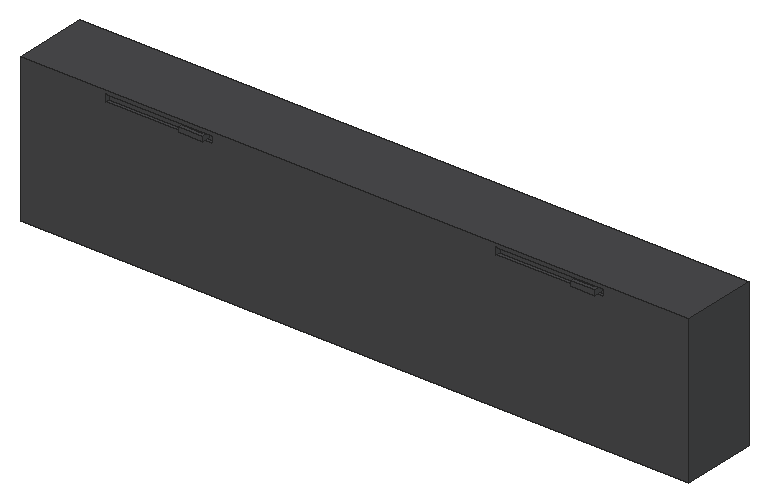
Revit family "DOT BLOCK CEILLING 328_DTSM15N3.1", category Luminarias, Revit 2019
Family settings
  Cota de conector redondo = Diámetro de uso
  Tipo de pieza = Normal
  Se basa en plano de trabajo = Sí
  Siempre vertical = Sí
  Corte con vacíos al cargar = No
  Origen de luz = Sí
  Compartido = No
  Punto de cálculo de habitación = No
Parameters (values of type "DOT BLOCK SURFACE 328_DM15N3.3.1535")
  Ángulo de inclinación = 60.00°
  Zone [instance] = ""
  Watt per fixture = 15
  Wattage = 15 W
  built-in parameter 1150107 = 4000 (stored number, unit not read)
  built-in parameter 1150110 = 1 (stored number, unit not read)
  built-in parameter 1150109 = 1 (stored number, unit not read)
  built-in parameter 1150112 = 1 (stored number, unit not read)
  built-in parameter 1150113 = 1 (stored number, unit not read)
  built-in parameter 1114218 = 1 (stored number, unit not read)
  Keynote = ""
  built-in parameter 1150137 = (empty or 0)
  built-in parameter 1150132 = (empty or 0)
  Modelo = "DM15N3.3.1535"
  Lámpara = "3030SMD PHILIPS"
  built-in parameter 1150105 = 6063.3 (stored number, unit not read)
  built-in parameter 1150102 = (empty or 0)
  built-in parameter 1150106 = 60.633 (stored number, unit not read)
  Lumens = 1395 lm
  Color Filter = 16777215
  built-in parameter 1114217 = 1 (stored number, unit not read)
  built-in parameter 1150139 = (empty or 0)
  Fabricante = "BRILLANT"
  Default Elevation = 1219.2 mm
  built-in parameter 1150104 = 8.64 (stored number, unit not read)
  Descripción = "LUMINARIA DOWNLIGHT EN FORMATO RECTANGULAR PARA EMPOTRAR DIRECTO EN PLAFON, CUERPO DE ALUMINIO ACABADO EN COLOR NEGRO, IP 20, PESO 0.84Kg, TIPO DE LED 3030SMD PHILIPS CON 15W TOTAL, 1400 LUMENES, 93LM/W, IRC 90, TEMPERATURA EN BLANCO FRIO 4000K, 50 MIL HORAS DE VIDA PROMEDIO, APERTURA ELIPTICA DE 15X35 GRADOS POR PROYECTO, ALIMENTADO A 90-240V"
  built-in parameter 1150115 = 1 (stored number, unit not read)
  built-in parameter 1150114 = 1 (stored number, unit not read)
  Comentarios de vataje = "90-240V"
  built-in parameter 1150138 = (empty or 0)
  built-in parameter 1150134 = 12
  Circuit [instance] = ""
  Dimming Lamp Color Temperature Shift = (empty or 0)
  Archivo de red fotométrica = "L328A-15W-840-B-15X35_IESNA95.IES"
  built-in parameter 1150133 = 10 (stored number, unit not read)
Reference planes
  plane 1 "Centro (Frontal/Posterior)": y = 0
  plane 2: z = 0
  plane 3 "Centro (Izquierda/Derecha)": x = 0
Forms (mm)
  Extrusion 1, solid, material "Default Form", not visible
    sketch origin (0, 0, 0) x (1, 0, 0) y (0, 0, 1)
      loop
        line (-473, 0) -> (-473, -72) -> (473, -72) -> (473, 0) -> (-473, 0)
    from -18.326 to 18.326
  Blend 2, void, not visible
    base sketch origin (-293.63, 0, 0) x (1, 0, 0) y (0, 1, 0)
      loop
        line (-162, 16.149) -> (-162, -16.149) -> (-144.14, -16.149) -> (-144.14, 16.149) -> (-162, 16.149)
    top sketch origin (-293.63, 0, 0) x (1, 0, 0) y (0, 1, 0)
      loop
        line (-160, 12.149) -> (-160, -12.149) -> (-146.14, -12.149) -> (-146.14, 12.149) -> (-160, 12.149)
    from -72 to -61.591
  Blend 3, void, not visible
    base sketch origin (-267.33, 0, 0) x (1, 0, 0) y (0, 1, 0)
      loop
        line (-162, 16.149) -> (-162, -16.149) -> (-144.14, -16.149) -> (-144.14, 16.149) -> (-162, 16.149)
    top sketch origin (-267.33, 0, 0) x (1, 0, 0) y (0, 1, 0)
      loop
        line (-160, 12.149) -> (-160, -12.149) -> (-146.14, -12.149) -> (-146.14, 12.149) -> (-160, 12.149)
    from -72 to -61.591
  Blend 4, void, not visible
    base sketch origin (-241.03, 0, 0) x (1, 0, 0) y (0, 1, 0)
      loop
        line (-162, 16.149) -> (-162, -16.149) -> (-144.14, -16.149) -> (-144.14, 16.149) -> (-162, 16.149)
    top sketch origin (-241.03, 0, 0) x (1, 0, 0) y (0, 1, 0)
      loop
        line (-160, 12.149) -> (-160, -12.149) -> (-146.14, -12.149) -> (-146.14, 12.149) -> (-160, 12.149)
    from -72 to -61.591
  Blend 5, void, not visible
    base sketch origin (-214.73, 0, 0) x (1, 0, 0) y (0, 1, 0)
      loop
        line (-162, 16.149) -> (-162, -16.149) -> (-144.14, -16.149) -> (-144.14, 16.149) -> (-162, 16.149)
    top sketch origin (-214.73, 0, 0) x (1, 0, 0) y (0, 1, 0)
      loop
        line (-160, 12.149) -> (-160, -12.149) -> (-146.14, -12.149) -> (-146.14, 12.149) -> (-160, 12.149)
    from -72 to -61.591
  Blend 6, void, not visible
    base sketch origin (-188.43, 0, 0) x (1, 0, 0) y (0, 1, 0)
      loop
        line (-162, 16.149) -> (-162, -16.149) -> (-144.14, -16.149) -> (-144.14, 16.149) -> (-162, 16.149)
    top sketch origin (-188.43, 0, 0) x (1, 0, 0) y (0, 1, 0)
      loop
        line (-160, 12.149) -> (-160, -12.149) -> (-146.14, -12.149) -> (-146.14, 12.149) -> (-160, 12.149)
    from -72 to -61.591
  Blend 7, void, not visible
    base sketch origin (-162.13, 0, 0) x (1, 0, 0) y (0, 1, 0)
      loop
        line (-162, 16.149) -> (-162, -16.149) -> (-144.14, -16.149) -> (-144.14, 16.149) -> (-162, 16.149)
    top sketch origin (-162.13, 0, 0) x (1, 0, 0) y (0, 1, 0)
      loop
        line (-160, 12.149) -> (-160, -12.149) -> (-146.14, -12.149) -> (-146.14, 12.149) -> (-160, 12.149)
    from -72 to -61.591
  Blend 8, void, not visible
    base sketch origin (-135.83, 0, 0) x (1, 0, 0) y (0, 1, 0)
      loop
        line (-162, 16.149) -> (-162, -16.149) -> (-144.14, -16.149) -> (-144.14, 16.149) -> (-162, 16.149)
    top sketch origin (-135.83, 0, 0) x (1, 0, 0) y (0, 1, 0)
      loop
        line (-160, 12.149) -> (-160, -12.149) -> (-146.14, -12.149) -> (-146.14, 12.149) -> (-160, 12.149)
    from -72 to -61.591
  Blend 9, void, not visible
    base sketch origin (-109.53, 0, 0) x (1, 0, 0) y (0, 1, 0)
      loop
        line (-162, 16.149) -> (-162, -16.149) -> (-144.14, -16.149) -> (-144.14, 16.149) -> (-162, 16.149)
    top sketch origin (-109.53, 0, 0) x (1, 0, 0) y (0, 1, 0)
      loop
        line (-160, 12.149) -> (-160, -12.149) -> (-146.14, -12.149) -> (-146.14, 12.149) -> (-160, 12.149)
    from -72 to -61.591
  Blend 10, void, not visible
    base sketch origin (-83.23, 0, 0) x (1, 0, 0) y (0, 1, 0)
      loop
        line (-162, 16.149) -> (-162, -16.149) -> (-144.14, -16.149) -> (-144.14, 16.149) -> (-162, 16.149)
    top sketch origin (-83.23, 0, 0) x (1, 0, 0) y (0, 1, 0)
      loop
        line (-160, 12.149) -> (-160, -12.149) -> (-146.14, -12.149) -> (-146.14, 12.149) -> (-160, 12.149)
    from -72 to -61.591
  Blend 11, void, not visible
    base sketch origin (-56.93, 0, 0) x (1, 0, 0) y (0, 1, 0)
      loop
        line (-162, 16.149) -> (-162, -16.149) -> (-144.14, -16.149) -> (-144.14, 16.149) -> (-162, 16.149)
    top sketch origin (-56.93, 0, 0) x (1, 0, 0) y (0, 1, 0)
      loop
        line (-160, 12.149) -> (-160, -12.149) -> (-146.14, -12.149) -> (-146.14, 12.149) -> (-160, 12.149)
    from -72 to -61.591
  Blend 12, void, not visible
    base sketch origin (-30.63, 0, 0) x (1, 0, 0) y (0, 1, 0)
      loop
        line (-162, 16.149) -> (-162, -16.149) -> (-144.14, -16.149) -> (-144.14, 16.149) -> (-162, 16.149)
    top sketch origin (-30.63, 0, 0) x (1, 0, 0) y (0, 1, 0)
      loop
        line (-160, 12.149) -> (-160, -12.149) -> (-146.14, -12.149) -> (-146.14, 12.149) -> (-160, 12.149)
    from -72 to -61.591
  Blend 13, void, not visible
    base sketch origin (-4.33, 0, 0) x (1, 0, 0) y (0, 1, 0)
      loop
        line (-162, 16.149) -> (-162, -16.149) -> (-144.14, -16.149) -> (-144.14, 16.149) -> (-162, 16.149)
    top sketch origin (-4.33, 0, 0) x (1, 0, 0) y (0, 1, 0)
      loop
        line (-160, 12.149) -> (-160, -12.149) -> (-146.14, -12.149) -> (-146.14, 12.149) -> (-160, 12.149)
    from -72 to -61.591
  Blend 14, void, not visible
    base sketch origin (21.97, 0, 0) x (1, 0, 0) y (0, 1, 0)
      loop
        line (-162, 16.149) -> (-162, -16.149) -> (-144.14, -16.149) -> (-144.14, 16.149) -> (-162, 16.149)
    top sketch origin (21.97, 0, 0) x (1, 0, 0) y (0, 1, 0)
      loop
        line (-160, 12.149) -> (-160, -12.149) -> (-146.14, -12.149) -> (-146.14, 12.149) -> (-160, 12.149)
    from -72 to -61.591
  Blend 15, void, not visible
    base sketch origin (48.27, 0, 0) x (1, 0, 0) y (0, 1, 0)
      loop
        line (-162, 16.149) -> (-162, -16.149) -> (-144.14, -16.149) -> (-144.14, 16.149) -> (-162, 16.149)
    top sketch origin (48.27, 0, 0) x (1, 0, 0) y (0, 1, 0)
      loop
        line (-160, 12.149) -> (-160, -12.149) -> (-146.14, -12.149) -> (-146.14, 12.149) -> (-160, 12.149)
    from -72 to -61.591
  Blend 16, void, not visible
    base sketch origin (74.57, 0, 0) x (1, 0, 0) y (0, 1, 0)
      loop
        line (-162, 16.149) -> (-162, -16.149) -> (-144.14, -16.149) -> (-144.14, 16.149) -> (-162, 16.149)
    top sketch origin (74.57, 0, 0) x (1, 0, 0) y (0, 1, 0)
      loop
        line (-160, 12.149) -> (-160, -12.149) -> (-146.14, -12.149) -> (-146.14, 12.149) -> (-160, 12.149)
    from -72 to -61.591
  Blend 17, void, not visible
    base sketch origin (100.87, 0, 0) x (1, 0, 0) y (0, 1, 0)
      loop
        line (-162, 16.149) -> (-162, -16.149) -> (-144.14, -16.149) -> (-144.14, 16.149) -> (-162, 16.149)
    top sketch origin (100.87, 0, 0) x (1, 0, 0) y (0, 1, 0)
      loop
        line (-160, 12.149) -> (-160, -12.149) -> (-146.14, -12.149) -> (-146.14, 12.149) -> (-160, 12.149)
    from -72 to -61.591
  Blend 18, void, not visible
    base sketch origin (127.17, 0, 0) x (1, 0, 0) y (0, 1, 0)
      loop
        line (-162, 16.149) -> (-162, -16.149) -> (-144.14, -16.149) -> (-144.14, 16.149) -> (-162, 16.149)
    top sketch origin (127.17, 0, 0) x (1, 0, 0) y (0, 1, 0)
      loop
        line (-160, 12.149) -> (-160, -12.149) -> (-146.14, -12.149) -> (-146.14, 12.149) -> (-160, 12.149)
    from -72 to -61.591
  Blend 19, void, not visible
    base sketch origin (153.47, 0, 0) x (1, 0, 0) y (0, 1, 0)
      loop
        line (-162, 16.149) -> (-162, -16.149) -> (-144.14, -16.149) -> (-144.14, 16.149) -> (-162, 16.149)
    top sketch origin (153.47, 0, 0) x (1, 0, 0) y (0, 1, 0)
      loop
        line (-160, 12.149) -> (-160, -12.149) -> (-146.14, -12.149) -> (-146.14, 12.149) -> (-160, 12.149)
    from -72 to -61.591
  Blend 20, void, not visible
    base sketch origin (179.77, 0, 0) x (1, 0, 0) y (0, 1, 0)
      loop
        line (-162, 16.149) -> (-162, -16.149) -> (-144.14, -16.149) -> (-144.14, 16.149) -> (-162, 16.149)
    top sketch origin (179.77, 0, 0) x (1, 0, 0) y (0, 1, 0)
      loop
        line (-160, 12.149) -> (-160, -12.149) -> (-146.14, -12.149) -> (-146.14, 12.149) -> (-160, 12.149)
    from -72 to -61.591
  Blend 21, void, not visible
    base sketch origin (206.07, 0, 0) x (1, 0, 0) y (0, 1, 0)
      loop
        line (-162, 16.149) -> (-162, -16.149) -> (-144.14, -16.149) -> (-144.14, 16.149) -> (-162, 16.149)
    top sketch origin (206.07, 0, 0) x (1, 0, 0) y (0, 1, 0)
      loop
        line (-160, 12.149) -> (-160, -12.149) -> (-146.14, -12.149) -> (-146.14, 12.149) -> (-160, 12.149)
    from -72 to -61.591
  Blend 22, void, not visible
    base sketch origin (232.37, 0, 0) x (1, 0, 0) y (0, 1, 0)
      loop
        line (-162, 16.149) -> (-162, -16.149) -> (-144.14, -16.149) -> (-144.14, 16.149) -> (-162, 16.149)
    top sketch origin (232.37, 0, 0) x (1, 0, 0) y (0, 1, 0)
      loop
        line (-160, 12.149) -> (-160, -12.149) -> (-146.14, -12.149) -> (-146.14, 12.149) -> (-160, 12.149)
    from -72 to -61.591
  Blend 23, void, not visible
    base sketch origin (258.67, 0, 0) x (1, 0, 0) y (0, 1, 0)
      loop
        line (-162, 16.149) -> (-162, -16.149) -> (-144.14, -16.149) -> (-144.14, 16.149) -> (-162, 16.149)
    top sketch origin (258.67, 0, 0) x (1, 0, 0) y (0, 1, 0)
      loop
        line (-160, 12.149) -> (-160, -12.149) -> (-146.14, -12.149) -> (-146.14, 12.149) -> (-160, 12.149)
    from -72 to -61.591
  Blend 24, void, not visible
    base sketch origin (284.97, 0, 0) x (1, 0, 0) y (0, 1, 0)
      loop
        line (-162, 16.149) -> (-162, -16.149) -> (-144.14, -16.149) -> (-144.14, 16.149) -> (-162, 16.149)
    top sketch origin (284.97, 0, 0) x (1, 0, 0) y (0, 1, 0)
      loop
        line (-160, 12.149) -> (-160, -12.149) -> (-146.14, -12.149) -> (-146.14, 12.149) -> (-160, 12.149)
    from -72 to -61.591
  Blend 25, void, not visible
    base sketch origin (311.27, 0, 0) x (1, 0, 0) y (0, 1, 0)
      loop
        line (-162, 16.149) -> (-162, -16.149) -> (-144.14, -16.149) -> (-144.14, 16.149) -> (-162, 16.149)
    top sketch origin (311.27, 0, 0) x (1, 0, 0) y (0, 1, 0)
      loop
        line (-160, 12.149) -> (-160, -12.149) -> (-146.14, -12.149) -> (-146.14, 12.149) -> (-160, 12.149)
    from -72 to -61.591
  Blend 26, void, not visible
    base sketch origin (337.57, 0, 0) x (1, 0, 0) y (0, 1, 0)
      loop
        line (-162, 16.149) -> (-162, -16.149) -> (-144.14, -16.149) -> (-144.14, 16.149) -> (-162, 16.149)
    top sketch origin (337.57, 0, 0) x (1, 0, 0) y (0, 1, 0)
      loop
        line (-160, 12.149) -> (-160, -12.149) -> (-146.14, -12.149) -> (-146.14, 12.149) -> (-160, 12.149)
    from -72 to -61.591
  Blend 27, void, not visible
    base sketch origin (363.87, 0, 0) x (1, 0, 0) y (0, 1, 0)
      loop
        line (-162, 16.149) -> (-162, -16.149) -> (-144.14, -16.149) -> (-144.14, 16.149) -> (-162, 16.149)
    top sketch origin (363.87, 0, 0) x (1, 0, 0) y (0, 1, 0)
      loop
        line (-160, 12.149) -> (-160, -12.149) -> (-146.14, -12.149) -> (-146.14, 12.149) -> (-160, 12.149)
    from -72 to -61.591
  Blend 28, void, not visible
    base sketch origin (390.17, 0, 0) x (1, 0, 0) y (0, 1, 0)
      loop
        line (-162, 16.149) -> (-162, -16.149) -> (-144.14, -16.149) -> (-144.14, 16.149) -> (-162, 16.149)
    top sketch origin (390.17, 0, 0) x (1, 0, 0) y (0, 1, 0)
      loop
        line (-160, 12.149) -> (-160, -12.149) -> (-146.14, -12.149) -> (-146.14, 12.149) -> (-160, 12.149)
    from -72 to -61.591
  Blend 29, void, not visible
    base sketch origin (416.47, 0, 0) x (1, 0, 0) y (0, 1, 0)
      loop
        line (-162, 16.149) -> (-162, -16.149) -> (-144.14, -16.149) -> (-144.14, 16.149) -> (-162, 16.149)
    top sketch origin (416.47, 0, 0) x (1, 0, 0) y (0, 1, 0)
      loop
        line (-160, 12.149) -> (-160, -12.149) -> (-146.14, -12.149) -> (-146.14, 12.149) -> (-160, 12.149)
    from -72 to -61.591
  Blend 30, void, not visible
    base sketch origin (442.77, 0, 0) x (1, 0, 0) y (0, 1, 0)
      loop
        line (-162, 16.149) -> (-162, -16.149) -> (-144.14, -16.149) -> (-144.14, 16.149) -> (-162, 16.149)
    top sketch origin (442.77, 0, 0) x (1, 0, 0) y (0, 1, 0)
      loop
        line (-160, 12.149) -> (-160, -12.149) -> (-146.14, -12.149) -> (-146.14, 12.149) -> (-160, 12.149)
    from -72 to -61.591
  Blend 31, void, not visible
    base sketch origin (469.07, 0, 0) x (1, 0, 0) y (0, 1, 0)
      loop
        line (-162, 16.149) -> (-162, -16.149) -> (-144.14, -16.149) -> (-144.14, 16.149) -> (-162, 16.149)
    top sketch origin (469.07, 0, 0) x (1, 0, 0) y (0, 1, 0)
      loop
        line (-160, 12.149) -> (-160, -12.149) -> (-146.14, -12.149) -> (-146.14, 12.149) -> (-160, 12.149)
    from -72 to -61.591
  Blend 32, void, not visible
    base sketch origin (495.37, 0, 0) x (1, 0, 0) y (0, 1, 0)
      loop
        line (-162, 16.149) -> (-162, -16.149) -> (-144.14, -16.149) -> (-144.14, 16.149) -> (-162, 16.149)
    top sketch origin (495.37, 0, 0) x (1, 0, 0) y (0, 1, 0)
      loop
        line (-160, 12.149) -> (-160, -12.149) -> (-146.14, -12.149) -> (-146.14, 12.149) -> (-160, 12.149)
    from -72 to -61.591
  Blend 33, void, not visible
    base sketch origin (521.67, 0, 0) x (1, 0, 0) y (0, 1, 0)
      loop
        line (-162, 16.149) -> (-162, -16.149) -> (-144.14, -16.149) -> (-144.14, 16.149) -> (-162, 16.149)
    top sketch origin (521.67, 0, 0) x (1, 0, 0) y (0, 1, 0)
      loop
        line (-160, 12.149) -> (-160, -12.149) -> (-146.14, -12.149) -> (-146.14, 12.149) -> (-160, 12.149)
    from -72 to -61.591
  Blend 34, void, not visible
    base sketch origin (547.97, 0, 0) x (1, 0, 0) y (0, 1, 0)
      loop
        line (-162, 16.149) -> (-162, -16.149) -> (-144.14, -16.149) -> (-144.14, 16.149) -> (-162, 16.149)
    top sketch origin (547.97, 0, 0) x (1, 0, 0) y (0, 1, 0)
      loop
        line (-160, 12.149) -> (-160, -12.149) -> (-146.14, -12.149) -> (-146.14, 12.149) -> (-160, 12.149)
    from -72 to -61.591
  Blend 35, void, not visible
    base sketch origin (574.27, 0, 0) x (1, 0, 0) y (0, 1, 0)
      loop
        line (-162, 16.149) -> (-162, -16.149) -> (-144.14, -16.149) -> (-144.14, 16.149) -> (-162, 16.149)
    top sketch origin (574.27, 0, 0) x (1, 0, 0) y (0, 1, 0)
      loop
        line (-160, 12.149) -> (-160, -12.149) -> (-146.14, -12.149) -> (-146.14, 12.149) -> (-160, 12.149)
    from -72 to -61.591
  Blend 36, void, not visible
    base sketch origin (600.57, 0, 0) x (1, 0, 0) y (0, 1, 0)
      loop
        line (-162, 16.149) -> (-162, -16.149) -> (-144.14, -16.149) -> (-144.14, 16.149) -> (-162, 16.149)
    top sketch origin (600.57, 0, 0) x (1, 0, 0) y (0, 1, 0)
      loop
        line (-160, 12.149) -> (-160, -12.149) -> (-146.14, -12.149) -> (-146.14, 12.149) -> (-160, 12.149)
    from -72 to -61.591
  Extrusion 37, solid, not visible
    sketch origin (-463.861, 0, 3.217) x (0, -1, 0) y (0, 0, -1)
      loop
        line (18.326, 3.217) -> (-18.326, 3.217) -> (-18.326, 73.917) -> (-32.183, 73.917) -> (-32.183, 72.617) -> (-19.626, 72.617) -> (-19.626, 1.917) -> (19.626, 1.917) -> (19.626, 72.617) -> (32.183, 72.617) -> (32.183, 73.917) -> (18.326, 73.917) -> (18.326, 3.217)
    from 89.098 to 128.24
  Extrusion 38, solid, not visible
    sketch origin (-246.523, 0, 3.217) x (0, -1, 0) y (0, 0, 1)
      loop
        line (-19.626, -1.917) -> (19.626, -1.917) -> (19.626, -63.89) -> (20.426, -63.89) -> (20.426, -1.117) -> (-20.426, -1.117) -> (-20.426, -63.89) -> (-19.626, -63.89) -> (-19.626, -1.917)
    from 122.954 to 124.098
  Extrusion 39, solid, not visible
    sketch origin (-463.861, 0, 3.217) x (0, -1, 0) y (0, 0, -1)
      loop
        line (-19.626, 1.917) -> (-19.626, 63.89) -> (-20.426, 63.89) -> (-20.426, 1.117) -> (20.426, 1.117) -> (20.426, 63.89) -> (19.626, 63.89) -> (19.626, 1.917) -> (-19.626, 1.917)
    from 122.954 to 124.098
  Extrusion 40, void, not visible
    sketch origin (0, 0, 0) x (1, 0, 0) y (0, 1, 0)
      loop
        circle (-363.799, -25.904) r 2.055
      loop
        circle (-346.585, -25.904) r 2.055
      loop
        circle (-363.799, 25.904) r 2.055
      loop
        circle (-346.585, 25.904) r 2.055
    from -70.7 to -69.4
  Blend 41, void
    base sketch origin (74.57, 130.851, 72) x (1, 0, 0) y (0, 1, 0)
      loop
        line (-162, -147) -> (-144.14, -147) -> (-144.14, -114.702) -> (-162, -114.702) -> (-162, -147)
    top sketch origin (74.57, 130.851, 72) x (1, 0, 0) y (0, 1, 0)
      loop
        line (-160, -143) -> (-146.14, -143) -> (-146.14, -118.702) -> (-160, -118.702) -> (-160, -143)
    from -72 to -61.591
  Blend 42, void
    base sketch origin (100.87, 130.851, 72) x (1, 0, 0) y (0, 1, 0)
      loop
        line (-162, -147) -> (-144.14, -147) -> (-144.14, -114.702) -> (-162, -114.702) -> (-162, -147)
    top sketch origin (100.87, 130.851, 72) x (1, 0, 0) y (0, 1, 0)
      loop
        line (-160, -143) -> (-146.14, -143) -> (-146.14, -118.702) -> (-160, -118.702) -> (-160, -143)
    from -72 to -61.591
  Blend 43, void
    base sketch origin (127.17, 130.851, 72) x (1, 0, 0) y (0, 1, 0)
      loop
        line (-162, -147) -> (-144.14, -147) -> (-144.14, -114.702) -> (-162, -114.702) -> (-162, -147)
    top sketch origin (127.17, 130.851, 72) x (1, 0, 0) y (0, 1, 0)
      loop
        line (-160, -143) -> (-146.14, -143) -> (-146.14, -118.702) -> (-160, -118.702) -> (-160, -143)
    from -72 to -61.591
  Blend 44, void
    base sketch origin (153.47, 130.851, 72) x (1, 0, 0) y (0, 1, 0)
      loop
        line (-162, -147) -> (-144.14, -147) -> (-144.14, -114.702) -> (-162, -114.702) -> (-162, -147)
    top sketch origin (153.47, 130.851, 72) x (1, 0, 0) y (0, 1, 0)
      loop
        line (-160, -143) -> (-146.14, -143) -> (-146.14, -118.702) -> (-160, -118.702) -> (-160, -143)
    from -72 to -61.591
  Blend 45, void
    base sketch origin (179.77, 130.851, 72) x (1, 0, 0) y (0, 1, 0)
      loop
        line (-162, -147) -> (-144.14, -147) -> (-144.14, -114.702) -> (-162, -114.702) -> (-162, -147)
    top sketch origin (179.77, 130.851, 72) x (1, 0, 0) y (0, 1, 0)
      loop
        line (-160, -143) -> (-146.14, -143) -> (-146.14, -118.702) -> (-160, -118.702) -> (-160, -143)
    from -72 to -61.591
  Blend 46, void
    base sketch origin (206.07, 130.851, 72) x (1, 0, 0) y (0, 1, 0)
      loop
        line (-162, -147) -> (-144.14, -147) -> (-144.14, -114.702) -> (-162, -114.702) -> (-162, -147)
    top sketch origin (206.07, 130.851, 72) x (1, 0, 0) y (0, 1, 0)
      loop
        line (-160, -143) -> (-146.14, -143) -> (-146.14, -118.702) -> (-160, -118.702) -> (-160, -143)
    from -72 to -61.591
  Blend 47, void
    base sketch origin (232.37, 130.851, 72) x (1, 0, 0) y (0, 1, 0)
      loop
        line (-162, -147) -> (-144.14, -147) -> (-144.14, -114.702) -> (-162, -114.702) -> (-162, -147)
    top sketch origin (232.37, 130.851, 72) x (1, 0, 0) y (0, 1, 0)
      loop
        line (-160, -143) -> (-146.14, -143) -> (-146.14, -118.702) -> (-160, -118.702) -> (-160, -143)
    from -72 to -61.591
  Extrusion 48, solid, material "Default Form"
    sketch origin (0, 0, 72) x (1, 0, 0) y (0, 0, -1)
      loop
        line (-164, 0) -> (164, 0) -> (164, 72) -> (-164, 72) -> (-164, 0)
    from -18.326 to 18.326
  Blend 49, void
    base sketch origin (258.67, 130.851, 72) x (1, 0, 0) y (0, 1, 0)
      loop
        line (-162, -147) -> (-144.14, -147) -> (-144.14, -114.702) -> (-162, -114.702) -> (-162, -147)
    top sketch origin (258.67, 130.851, 72) x (1, 0, 0) y (0, 1, 0)
      loop
        line (-160, -143) -> (-146.14, -143) -> (-146.14, -118.702) -> (-160, -118.702) -> (-160, -143)
    from -72 to -61.591
  Blend 50, void
    base sketch origin (284.97, 130.851, 72) x (1, 0, 0) y (0, 1, 0)
      loop
        line (-162, -147) -> (-144.14, -147) -> (-144.14, -114.702) -> (-162, -114.702) -> (-162, -147)
    top sketch origin (284.97, 130.851, 72) x (1, 0, 0) y (0, 1, 0)
      loop
        line (-160, -143) -> (-146.14, -143) -> (-146.14, -118.702) -> (-160, -118.702) -> (-160, -143)
    from -72 to -61.591
  Blend 51, void
    base sketch origin (21.97, 130.851, 72) x (1, 0, 0) y (0, 1, 0)
      loop
        line (-162, -147) -> (-144.14, -147) -> (-144.14, -114.702) -> (-162, -114.702) -> (-162, -147)
    top sketch origin (21.97, 130.851, 72) x (1, 0, 0) y (0, 1, 0)
      loop
        line (-160, -143) -> (-146.14, -143) -> (-146.14, -118.702) -> (-160, -118.702) -> (-160, -143)
    from -72 to -61.591
  Blend 52, void
    base sketch origin (48.27, 130.851, 72) x (1, 0, 0) y (0, 1, 0)
      loop
        line (-162, -147) -> (-144.14, -147) -> (-144.14, -114.702) -> (-162, -114.702) -> (-162, -147)
    top sketch origin (48.27, 130.851, 72) x (1, 0, 0) y (0, 1, 0)
      loop
        line (-160, -143) -> (-146.14, -143) -> (-146.14, -118.702) -> (-160, -118.702) -> (-160, -143)
    from -72 to -61.591
  Extrusion 53, void
    sketch origin (0, 0, 0) x (1, 0, 0) y (0, 1, 0)
      loop
        line (-122.17, -18.326) -> (-69.57, -18.326) -> (-69.57, -16.149) -> (-122.17, -16.149) -> (-122.17, -18.326)
      loop
        line (122.17, -18.326) -> (122.17, -16.149) -> (69.57, -16.149) -> (69.57, -18.326) -> (122.17, -18.326)
      loop
        line (-122.17, 18.326) -> (-122.17, 16.149) -> (-69.57, 16.149) -> (-69.57, 18.326) -> (-122.17, 18.326)
      loop
        line (122.17, 18.326) -> (69.57, 18.326) -> (69.57, 16.149) -> (122.17, 16.149) -> (122.17, 18.326)
    from 66.852 to 70.535
  Extrusion 54, solid, material "Default Form"
    sketch origin (0, 0, 0) x (1, 0, 0) y (0, 1, 0)
      loop
        line (-73.041, -16.149) -> (-74.374, -16.149) -> (-74.374, -18.326) -> (-84.875, -18.326) -> (-84.875, -20.238) -> (-73.041, -20.238) -> (-73.041, -16.149)
      loop
        line (119.435, -16.149) -> (118.101, -16.149) -> (118.101, -18.326) -> (107.601, -18.326) -> (107.601, -20.238) -> (119.435, -20.238) -> (119.435, -16.149)
      loop
        line (-73.041, 16.149) -> (-73.041, 20.238) -> (-84.875, 20.238) -> (-84.875, 18.326) -> (-74.374, 18.326) -> (-74.374, 16.149) -> (-73.041, 16.149)
      loop
        line (119.435, 16.149) -> (119.435, 20.238) -> (107.601, 20.238) -> (107.601, 18.326) -> (118.101, 18.326) -> (118.101, 16.149) -> (119.435, 16.149)
    from 67.466 to 69.773
Cuts and joins
  Blend 41, Blend 42, Blend 43, Blend 44, Blend 45, Blend 46, Blend 47, Blend 49, Blend 50, Blend 51, Blend 52, Extrusion 53 cuts Extrusion 48
Dimensions and locks
  cut or joined group 1 (Blend 41, Blend 42, Blend 43, Blend 44, Blend 45, Blend 46, Blend 47, Extrusion 48, Blend 49, Blend 50, Blend 51, Blend 52, Extrusion 53) to cut or joined group 1 = 72 mm  (x2)
  cut or joined group 1 to cut or joined group 1 = 36.651 mm
  cut or joined group 1 to cut or joined group 1 = 328 mm
  aligned and locked: level to plane 2
Connectors
  electrical at (0, 0, 72)
    settings: on cut or joined group 1, index 1, voltage 0 V, apparent load 0 VA, apparent load phase1 0 VA, apparent load phase2 0 VA, apparent load phase3 0 VA, power factor 1, load classification "Otro", number of poles 1, system type 31, power factor state 1, is connector primary yes, connector utility no, sub classification motor no, connector description ""
